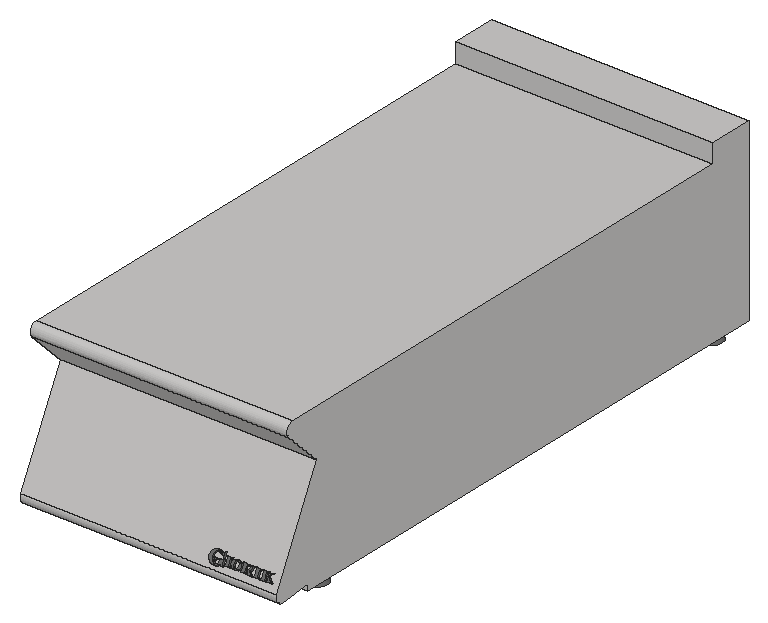
Revit family "QF_GIORIK_EN920T", category Specialty Equipment, Revit 2014
Parameters (values of type "EN920T")
  Weight in Pounds = 77.1617
  URL Cutsheet = "www.giorik.com"
  URL = "www.giorik.com"
  Status [instance] = ""
  Specification by User [instance] = ""
  Specification by Manufacturer = ""
  Show Logo [instance] = yes
  Show Clearance [instance] = yes
  Serial Number = ""
  Seismic Rating = ""
  SMACNA No = ""
  Revision Code [instance] = ""
  NAFEM Spec ID Number = ""
  Model = "EN920T"
  Masterspec = ""
  Manufacturer = "GIORIK"
  Item Number [instance] = ""
  Installed By [instance] = ""
  Identify Quantity as Lot [instance] = no
  Furnished By [instance] = ""
  Foodservice Equipment Identifier [instance] = yes
  Description = "NEUTRAL UNIT - COUNTERTOP"
  CSI MasterFormat = ""
  Assembly Code = "E1090320"
Reference planes
  plane 1 "Back": y = 0
  plane 2: z = 0
  plane 3 "Left": x = 0
  plane 4 "Right": x = 400
  plane 5 "Front": y = -920
  plane 6 "Top": z = 300
Forms (mm)
  Extrusion 1, solid, visible <- "Show Logo"
    sketch origin (196.604, -936.761, 9.486) x (-1, 0, 0) y (0, 0.452718, 0.891654)
      loop
        line (-118.824, 58.358) -> (-127.804, 58.358) -> (-125.523, 56.445) -> (-125.523, 48.027) -> (-127.804, 46.113) -> (-118.824, 46.113) -> (-121.105, 48.027) -> (-121.105, 56.445) -> (-118.824, 58.358)
      loop
        line (-163.721, 58.358) -> (-172.7, 58.358) -> (-170.42, 56.445) -> (-170.42, 48.027) -> (-172.7, 46.113) -> (-163.721, 46.113) -> (-166.001, 48.027) -> (-166.001, 56.445) -> (-163.721, 58.358)
      loop
        line (-174.332, 58.358) -> (-183.312, 58.358) -> (-181.031, 56.445) -> (-181.031, 52.435) -> (-186.419, 56.955) -> (-184.416, 58.358) -> (-191.268, 58.358) -> (-188.01, 56.839) -> (-185.455, 54.283) -> (-190.846, 47.858) -> (-193.396, 46.93) -> (-193.396, 46.113) -> (-184.416, 46.113) -> (-185.437, 47.571) -> (-182.443, 51.552) -> (-181.031, 50.894) -> (-181.031, 48.027) -> (-183.312, 46.113) -> (-174.332, 46.113) -> (-176.613, 48.027) -> (-176.613, 56.445) -> (-174.332, 58.358)
      loop
        line (-115.429, 62.063) -> (-115.429, 54.198)
        arc (-115.429, 54.198) -> (-111.618, 57.803) -> (-106.847, 59.986) r 16.039
        arc (-106.847, 59.986) -> (-103.314, 59.837) -> (-100.512, 57.68) r 5.851
        arc (-100.512, 57.68) -> (-98.815, 52.267) -> (-100.512, 46.853) r 9.479
        arc (-100.512, 46.853) -> (-102.406, 44.986) -> (-104.846, 43.93) r 7.236
        arc (-104.846, 43.93) -> (-107.728, 44.111) -> (-110.052, 45.825) r 5.11
        line (-110.052, 45.825) -> (-110.052, 52.001) -> (-116.141, 52.001) -> (-116.141, 45.503) -> (-117.893, 43.751) -> (-114.094, 44.769)
        arc (-114.094, 44.769) -> (-112.56, 44.947) -> (-111.129, 44.366) r 3.115
        arc (-111.129, 44.366) -> (-104.216, 42.091) -> (-97.303, 44.366) r 11.641
        arc (-97.303, 44.366) -> (-93.396, 52.107) -> (-97.303, 59.849) r 9.622
        arc (-97.303, 59.849) -> (-104.369, 62.174) -> (-111.435, 59.849) r 11.898
        line (-111.435, 59.849) -> (-115.429, 62.063)
      loop
        arc (-129.234, 56.068) -> (-135.893, 58.628) -> (-142.552, 56.068) r 9.941
        arc (-142.552, 56.068) -> (-144.234, 52.286) -> (-142.552, 48.505) r 5.093
        arc (-142.552, 48.505) -> (-135.893, 45.945) -> (-129.234, 48.505) r 9.941
        arc (-129.234, 48.505) -> (-127.552, 52.286) -> (-129.234, 56.068) r 5.093
      loop
        arc (-132.628, 54.403) -> (-135.893, 57.668) -> (-139.158, 54.403) r 3.265
        line (-139.158, 54.403) -> (-139.158, 50.169)
        arc (-139.158, 50.169) -> (-135.893, 46.904) -> (-132.628, 50.169) r 3.265
        line (-132.628, 50.169) -> (-132.628, 54.403)
      loop
        arc (-156.363, 58.365) -> (-159.647, 55.081) -> (-156.363, 51.796) r 3.285
        line (-156.363, 51.796) -> (-159.529, 47.306) -> (-162.087, 46.113) -> (-155.847, 46.113) -> (-153.529, 51.083) -> (-150.637, 51.083) -> (-150.637, 47.784) -> (-153.022, 46.113) -> (-144.011, 46.113) -> (-146.094, 47.68) -> (-146.094, 56.493) -> (-144.229, 58.365) -> (-156.363, 58.365)
      loop
        line (-150.637, 57.512) -> (-153.637, 57.512)
        arc (-153.637, 57.512) -> (-156.237, 54.912) -> (-153.637, 52.312) r 2.6
        line (-153.637, 52.312) -> (-150.637, 52.312) -> (-150.637, 57.512)
      loop
        line (-108.924, 52.001) -> (-104.936, 49.005) -> (-100.948, 52.001) -> (-108.924, 52.001)
    from 1.5 to -0.5
  Extrusion 2, solid
    sketch origin (0, 800, -620) x (0, 1, 0) y (0, 0, 1)
      loop
        line (-800, 919.988) -> (-870, 919.988) -> (-870, 889.988) -> (-1688.806, 889.988)
        arc (-1688.806, 889.988) -> (-1699.151, 883.075) -> (-1696.724, 870.873) r 11.197
        line (-1696.724, 870.873) -> (-1640.876, 815.025) -> (-1718.948, 661.258)
        arc (-1718.948, 661.258) -> (-1718.233, 650.105) -> (-1708.118, 645.354) r 10.981
        line (-1708.118, 645.354) -> (-1660, 649.925) -> (-1660, 640) -> (-800, 640) -> (-800, 919.988)
    from 0 to 400
  Extrusion 3, solid
    sketch origin (543.603, 45.293, -30) x (0, 1, 0) y (-1, 0, 0)
      loop
        circle (-79.293, 516.603) r 5
    from 41.965 to 50
  Revolve 4, solid
    sketch origin (27, 49.943, -600) x (0, 1, 0) y (0, 0, 1)
      loop
        line (-83.943, 611.965) -> (-94.752, 611.965) -> (-97.943, 600) -> (-83.943, 600) -> (-83.943, 611.965)
      axis (-83.943, 611.965) -> (-83.943, 600)
    angle from 0 to 360
  Extrusion 5, solid
    sketch origin (-143.603, 45.293, -30) x (0, 1, 0) y (-1, 0, 0)
      loop
        circle (-79.293, -516.603) r 5
    from 41.965 to 50
  Revolve 6, solid
    sketch origin (373, 49.943, -600) x (0, 1, 0) y (0, 0, -1)
      loop
        line (-83.943, -611.965) -> (-83.943, -600) -> (-97.943, -600) -> (-94.752, -611.965) -> (-83.943, -611.965)
      axis (-83.943, -611.965) -> (-83.943, -600)
    angle from 0 to 360
  Extrusion 7, solid
    sketch origin (543.603, -724.774, -30) x (0, 1, 0) y (-1, 0, 0)
      loop
        circle (-79.293, 516.603) r 5
    from 41.965 to 50
  Revolve 8, solid
    sketch origin (27, -720.125, -600) x (0, 1, 0) y (0, 0, 1)
      loop
        line (-83.943, 611.965) -> (-94.752, 611.965) -> (-97.943, 600) -> (-83.943, 600) -> (-83.943, 611.965)
      axis (-83.943, 611.965) -> (-83.943, 600)
    angle from 0 to 360
  Extrusion 9, solid
    sketch origin (-143.603, -724.774, -30) x (0, 1, 0) y (-1, 0, 0)
      loop
        circle (-79.293, -516.603) r 5
    from 41.965 to 50
  Revolve 10, solid
    sketch origin (373, -720.125, -600) x (0, 1, 0) y (0, 0, -1)
      loop
        line (-83.943, -611.965) -> (-83.943, -600) -> (-97.943, -600) -> (-94.752, -611.965) -> (-83.943, -611.965)
      axis (-83.943, -611.965) -> (-83.943, -600)
    angle from 0 to 360
Lines and regions (mm)
  symbolic lines, style "200-EquipBorder-2D"
    curve 1: line (0, -920, 0) -> (400, -920, 0)
    curve 2: line (400, -920, 0) -> (400, 0, 0)
    curve 3: line (400, 0, 0) -> (0, 0, 0)
    curve 4: line (0, 0, 0) -> (0, -920, 0)
  symbolic lines, style "200-EquipInternal-2D"
    curve 5: line (0, -70, 300) -> (400, -70, 300)
Dimensions and locks
  plane 3 "Left" to plane 4 "Right" = 400 mm
  plane 5 "Front" to plane 1 "Back" = 920 mm
  plane 4 "Right" to plane 3 "Left" = 400 mm
  plane 1 "Back" to plane 5 "Front" = 920 mm
  plane 6 "Top" to level = 300 mm  (x2)
  aligned and locked: level to plane 2
